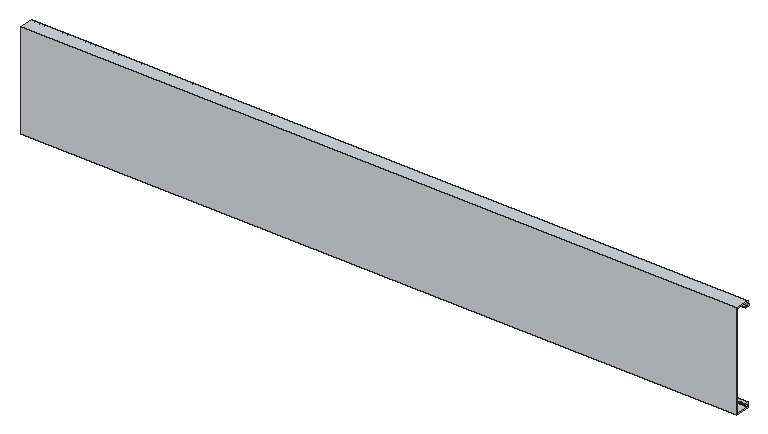
Revit family "TSN Prime Joist", category Structural Framing, Revit 2026
Family settings
  Section Shape = Not Defined
  Material for Model Behavior = Other
  Always export as geometry = No
  Classification Number = 23.25.30.11.14.14
  Always vertical = Yes
  Cut with Voids When Loaded = No
  Symbolic Representation = From Family
  Shared = No
  Show family pre-cut in plan views = Yes
Parameters (values of type "1600JS250-118, 50ksi")
  d2 = 0' - 0 1/2"
  d1 = 0' - 0.768"
  Version = "2.0"
  URL = "http://www.steelnetwork.com/product.aspx/jamStud"
  T = 0' - 0.124"
  Section_DB = 8
  Manufacturer = "The Steel Network, Inc."
  Length [instance] = 10' - 0"
  D = 1' - 4"
  B = 0' - 2 1/2"
Types (73): name | d1 | T | D | B
  (no name) | 0' - 0 197/256" | 0' - 0 1/8" | 1' - 4" | 0' - 3 1/2"
  800JS250-43, 50ksi | 0' - 0.6102" | 0' - 0.0451" | 0' - 8" | 0' - 2 1/2"
  800JS250-54, 50ksi | 0' - 0.6332" | 0' - 0.0566" | 0' - 8" | 0' - 2 1/2"
  800JS250-68, 50ksi | 0' - 0.6626" | 0' - 0.0713" | 0' - 8" | 0' - 2 1/2"
  800JS250-97, 50ksi | 0' - 0.7234" | 0' - 0.1017" | 0' - 8" | 0' - 2 1/2"
  800JS250-118, 50ksi | 0' - 0.768" | 0' - 0.124" | 0' - 8" | 0' - 2 1/2"
  800JS300-54, 50ksi | 0' - 0.6332" | 0' - 0.0566" | 0' - 8" | 0' - 3"
  800JS300-68, 50ksi | 0' - 0.6626" | 0' - 0.0713" | 0' - 8" | 0' - 3"
  800JS300-97, 50ksi | 0' - 0.7234" | 0' - 0.1017" | 0' - 8" | 0' - 3"
  800JS300-118, 50ksi | 0' - 0.768" | 0' - 0.124" | 0' - 8" | 0' - 3"
  800JS350-68, 50ksi | 0' - 0.6626" | 0' - 0.0713" | 0' - 8" | 0' - 3 1/2"
  800JS350-97, 50ksi | 0' - 0.7234" | 0' - 0.1017" | 0' - 8" | 0' - 3 1/2"
  800JS350-118, 50ksi | 0' - 0.768" | 0' - 0.124" | 0' - 8" | 0' - 3 1/2"
  925JS250-43, 50ksi | 0' - 0.6102" | 0' - 0.0451" | 0' - 9 1/4" | 0' - 2 1/2"
  925JS250-54, 50ksi | 0' - 0.6332" | 0' - 0.0566" | 0' - 9 1/4" | 0' - 2 1/2"
  925JS250-68, 50ksi | 0' - 0.6626" | 0' - 0.0713" | 0' - 9 1/4" | 0' - 2 1/2"
  925JS250-97, 50ksi | 0' - 0.7234" | 0' - 0.1017" | 0' - 9 1/4" | 0' - 2 1/2"
  925JS250-118, 50ksi | 0' - 0.768" | 0' - 0.124" | 0' - 9 1/4" | 0' - 2 1/2"
  925JS300-54, 50ksi | 0' - 0.6332" | 0' - 0.0566" | 0' - 9 1/4" | 0' - 3"
  925JS300-68, 50ksi | 0' - 0.6626" | 0' - 0.0713" | 0' - 9 1/4" | 0' - 3"
  925JS300-97, 50ksi | 0' - 0.7234" | 0' - 0.1017" | 0' - 9 1/4" | 0' - 3"
  925JS300-118, 50ksi | 0' - 0.768" | 0' - 0.124" | 0' - 9 1/4" | 0' - 3"
  925JS350-68, 50ksi | 0' - 0.6626" | 0' - 0.0713" | 0' - 9 1/4" | 0' - 3 1/2"
  925JS350-97, 50ksi | 0' - 0.7234" | 0' - 0.1017" | 0' - 9 1/4" | 0' - 3 1/2"
  925JS350-118, 50ksi | 0' - 0.768" | 0' - 0.124" | 0' - 9 1/4" | 0' - 3 1/2"
  1000JS250-43, 50ksi | 0' - 0.6102" | 0' - 0.0451" | 0' - 10" | 0' - 2 1/2"
  1000JS250-54, 50ksi | 0' - 0.6332" | 0' - 0.0566" | 0' - 10" | 0' - 2 1/2"
  1000JS250-68, 50ksi | 0' - 0.6626" | 0' - 0.0713" | 0' - 10" | 0' - 2 1/2"
  1000JS250-97, 50ksi | 0' - 0.7234" | 0' - 0.1017" | 0' - 10" | 0' - 2 1/2"
  1000JS250-118, 50ksi | 0' - 0.768" | 0' - 0.124" | 0' - 10" | 0' - 2 1/2"
  1000JS300-54, 50ksi | 0' - 0.6332" | 0' - 0.0566" | 0' - 10" | 0' - 3"
  1000JS300-68, 50ksi | 0' - 0.6626" | 0' - 0.0713" | 0' - 10" | 0' - 3"
  1000JS300-97, 50ksi | 0' - 0.7234" | 0' - 0.1017" | 0' - 10" | 0' - 3"
  1000JS300-118, 50ksi | 0' - 0.768" | 0' - 0.124" | 0' - 10" | 0' - 3"
  1000JS350-68, 50ksi | 0' - 0.6626" | 0' - 0.0713" | 0' - 10" | 0' - 3 1/2"
  1000JS350-97, 50ksi | 0' - 0.7234" | 0' - 0.1017" | 0' - 10" | 0' - 3 1/2"
  1000JS350-118, 50ksi | 0' - 0.768" | 0' - 0.124" | 0' - 10" | 0' - 3 1/2"
  1125JS250-54, 50ksi | 0' - 0.6332" | 0' - 0.0566" | 0' - 11 1/4" | 0' - 2 1/2"
  1125JS250-68, 50ksi | 0' - 0.6626" | 0' - 0.0713" | 0' - 11 1/4" | 0' - 2 1/2"
  1125JS250-97, 50ksi | 0' - 0.7234" | 0' - 0.1017" | 0' - 11 1/4" | 0' - 2 1/2"
  1125JS250-118, 50ksi | 0' - 0.768" | 0' - 0.124" | 0' - 11 1/4" | 0' - 2 1/2"
  1125JS300-54, 50ksi | 0' - 0.6332" | 0' - 0.0566" | 0' - 11 1/4" | 0' - 3"
  1125JS300-68, 50ksi | 0' - 0.6626" | 0' - 0.0713" | 0' - 11 1/4" | 0' - 3"
  1125JS300-97, 50ksi | 0' - 0.7234" | 0' - 0.1017" | 0' - 11 1/4" | 0' - 3"
  1125JS300-118, 50ksi | 0' - 0.768" | 0' - 0.124" | 0' - 11 1/4" | 0' - 3"
  1125JS350-68, 50ksi | 0' - 0.6626" | 0' - 0.0713" | 0' - 11 1/4" | 0' - 3 1/2"
  1125JS350-97, 50ksi | 0' - 0.7234" | 0' - 0.1017" | 0' - 11 1/4" | 0' - 3 1/2"
  1125JS350-118, 50ksi | 0' - 0.768" | 0' - 0.124" | 0' - 11 1/4" | 0' - 3 1/2"
  1200JS250-54, 50ksi | 0' - 0.6332" | 0' - 0.0566" | 1' - 0" | 0' - 2 1/2"
  1200JS250-68, 50ksi | 0' - 0.6626" | 0' - 0.0713" | 1' - 0" | 0' - 2 1/2"
  1200JS250-97, 50ksi | 0' - 0.7234" | 0' - 0.1017" | 1' - 0" | 0' - 2 1/2"
  1200JS250-118, 50ksi | 0' - 0.768" | 0' - 0.124" | 1' - 0" | 0' - 2 1/2"
  1200JS300-54, 50ksi | 0' - 0.6332" | 0' - 0.0566" | 1' - 0" | 0' - 3"
  1200JS300-68, 50ksi | 0' - 0.6626" | 0' - 0.0713" | 1' - 0" | 0' - 3"
  1200JS300-97, 50ksi | 0' - 0.7234" | 0' - 0.1017" | 1' - 0" | 0' - 3"
  1200JS300-118, 50ksi | 0' - 0.768" | 0' - 0.124" | 1' - 0" | 0' - 3"
  1200JS350-68, 50ksi | 0' - 0.6626" | 0' - 0.0713" | 1' - 0" | 0' - 3 1/2"
  1200JS350-97, 50ksi | 0' - 0.7234" | 0' - 0.1017" | 1' - 0" | 0' - 3 1/2"
  1200JS350-118, 50ksi | 0' - 0.768" | 0' - 0.124" | 1' - 0" | 0' - 3 1/2"
  1400JS250-54, 50ksi | 0' - 0.6332" | 0' - 0.0566" | 1' - 2" | 0' - 2 1/2"
  1400JS250-68, 50ksi | 0' - 0.6626" | 0' - 0.0713" | 1' - 2" | 0' - 2 1/2"
  1400JS250-97, 50ksi | 0' - 0.7234" | 0' - 0.1017" | 1' - 2" | 0' - 2 1/2"
  1400JS250-118, 50ksi | 0' - 0.768" | 0' - 0.124" | 1' - 2" | 0' - 2 1/2"
  1400JS300-54, 50ksi | 0' - 0.6332" | 0' - 0.0566" | 1' - 2" | 0' - 3"
  1400JS300-68, 50ksi | 0' - 0.6626" | 0' - 0.0713" | 1' - 2" | 0' - 3"
  1400JS300-97, 50ksi | 0' - 0.7234" | 0' - 0.1017" | 1' - 2" | 0' - 3"
  1400JS300-118, 50ksi | 0' - 0.768" | 0' - 0.124" | 1' - 2" | 0' - 3"
  1400JS350-68, 50ksi | 0' - 0.6626" | 0' - 0.0713" | 1' - 2" | 0' - 3 1/2"
  1400JS350-97, 50ksi | 0' - 0.7234" | 0' - 0.1017" | 1' - 2" | 0' - 3 1/2"
  1400JS350-118, 50ksi | 0' - 0.768" | 0' - 0.124" | 1' - 2" | 0' - 3 1/2"
  1600JS250-68, 50ksi | 0' - 0.6626" | 0' - 0.0713" | 1' - 4" | 0' - 2 1/2"
  1600JS250-97, 50ksi | 0' - 0.7234" | 0' - 0.1017" | 1' - 4" | 0' - 2 1/2"
  1600JS250-118, 50ksi | 0' - 0.768" | 0' - 0.124" | 1' - 4" | 0' - 2 1/2"
Reference planes (in)
  plane 1 "Center (Front/Back)": y = 0
  plane 2 "Center El.": z = 0
  plane 3 "Center (Left/Right)": x = 0
  plane 4 "Left": x = -60
  plane 5 "Right": x = 60
  plane 6: z = 8
  plane 7: z = -8
  plane 8: y = -1.25
  plane 9: y = 1.25
Forms (in)
  Extrusion 1, solid
    sketch origin (60, 0, 0) x (0, -1, 0) y (0, 0, 1)
      loop
        line (-1.25, -8) -> (1.25, -8) -> (1.25, 8) -> (-1.25, 8) -> (-1.25, 7.232) -> (-0.75, 7.232) -> (-0.75, 7.356) -> (-1.126, 7.356) -> (-1.126, 7.876) -> (1.126, 7.876) -> (1.126, -7.876) -> (-1.126, -7.876) -> (-1.126, -7.356) -> (-0.75, -7.356) -> (-0.75, -7.232) -> (-1.25, -7.232) -> (-1.25, -8)
    from 0 to 120
Lines and regions (in)
  model lines, style "Stick Symbols", detail levels coarse
    curve 1: line (-60, 0, 0) -> (60, 0, 0)
Dimensions and locks (in)
  equal spacing: plane 4 "Left", plane 3 "Center (Left/Right)", plane 5 "Right"
  "Length": plane 4 "Left" to plane 5 "Right"
  equal spacing: plane 7, level, plane 6
  "D": plane 7 to plane 6
  equal spacing: plane 8, plane 1 "Center (Front/Back)", plane 9
  "B": plane 8 to plane 9
  "T": Extrusion 1 to Extrusion 1  (x7)
  "d2": Extrusion 1 to Extrusion 1  (x2)
  "d1": Extrusion 1 to Extrusion 1  (x2)
  aligned and locked: plane 1 "Center (Front/Back)" to curve 1
  aligned and locked: plane 5 "Right" to curve 1
  aligned and locked: plane 4 "Left" to curve 1
  aligned and locked: plane 4 "Left" to Extrusion 1
  aligned and locked: Extrusion 1 to plane 5 "Right"
Automatic sketch dimensions
  Extrusion 1 sketch curve to plane 9 = 0' - 0"  (x2)
  Extrusion 1 sketch curve to plane 8 = 0' - 0"
  plane 7 to Extrusion 1 sketch curve = 0' - 0"
  Extrusion 1 sketch curve to plane 6 = 0' - 0"
  plane 9 to Extrusion 1 sketch curve = 0' - 0.124"  (x2)
  Extrusion 1 sketch curve to Extrusion 1 sketch curve = 0' - 0.376"  (x2)
  plane 8 to Extrusion 1 sketch curve = 0' - 0.124"
  Extrusion 1 sketch curve to plane 7 = 0' - 0.124"
  Extrusion 1 sketch curve to Extrusion 1 sketch curve = 0' - 0.52"
  Extrusion 1 sketch curve to Extrusion 1 sketch curve = 0' - 0.124"  (x2)
  Extrusion 1 sketch curve to plane 6 = 0' - 0.768"
  Extrusion 1 sketch curve to plane 6 = 0' - 0.124"
